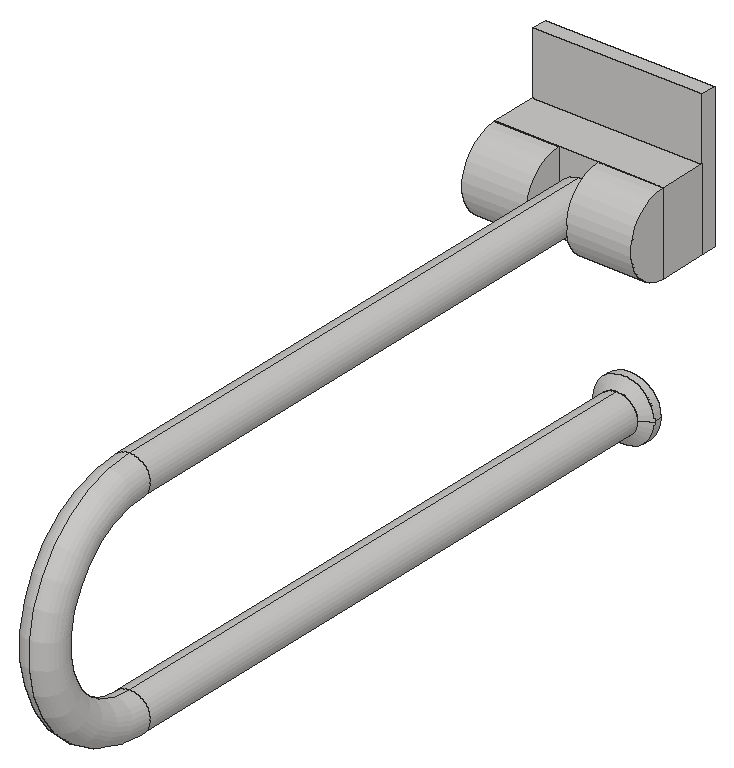
Revit family
Parameters (values of type "G29JCSN112")
  Weight Limit = 0
  Warranty Duration (Years) = 0
  Unit Weight = 0
  Unit Length = 1' - 11 5/8"
  URL = "http://www.pontegiulio.com"
  Trim Radius = 0' - 1 5/8"
  Specification = "http://www.arcat.com/sd/clients/pontegiu.html?coid=43483"
  Send Message = "http://www.arcat.com/users.pl?action=UserEmail&company=Ponte%20Giulio&coid=43483&rep=132&fax=877-766-8306&mf="
  Sales Information = "http://www.pontegiulio.it/us/info.php"
  Revision = "R1_01-2010"
  Return Radius = 0' - 1 9/16"
  Product Properties = "http://www.pgdb.it/schede/us/G29JCSN112_us.pdf"
  Product Data = "http://www.arcat.com/arcatcos/cos43/arc43483.html"
  Model = "Grab Bar as Specified in 10 28 13"
  Manufacturer's Notes = ""
  Manufacturer Website = "http://www.pontegiulio.com"
  Manufacturer Phone - Toll Free = "877-766-8301 "
  Manufacturer Fax = "877-766-8306"
  Manufacturer Address = "W241 S4021 Rockwood Circle, Waukesha, WI 53189"
  Manufacturer = "Ponte Giulio"
  Maintenance Schedule (Months) = 0
  Keynote = "10 28 13"
  Installation-Fabrication = ""
  Installation Phase = ""
  Green Building-LEED = "http://www.arcat.com/green/clients/leed_data_43483.html"
  Expected Lifespan (Years) = 0
  Drawn By = "Robert S. Weygant, CSI, CDT, SCIP"
  Diameter = 0' - 1 1/4"
  Description = "Grab Bar as Specified in 10 28 13"
  Default Elevation = 4' - 0"
  Copyright = "2010 ARCAT, Inc"
  Construction Details = ""
  Building Codes = ""
  Bath Fixture Material [instance] = Colour - N1 - Stainless Steel
  Assembly Code = "C1030200"
  AK_Code Compliance = "UNI"
Reference planes (in)
  plane 1 "Center (Front/Back)": y = 0
  plane 2: z = 0
  plane 3 "Center (Left/Right)": x = 0
  plane 4 "Support Rail": x = 5.5
  plane 5: z = 37.71941
  plane 6: z = 44.40691
  plane 7: y = -23.625
  plane 8: y = -0.5
Forms (in)
  Sweep 1, solid, material "Colour - N1 - Stainless Steel" <- "Bath Fixture Material"
    path origin (0, 0, 36.40691) x (0, 0, 1) y (0, -1, 0)
      loop
        line (1.3125, 0) -> (1.3125, 19.65625)
        arc (1.3125, 19.65625) -> (4.65625, 23) -> (8, 19.65625) r 3.34375
        line (8, 19.65625) -> (8, 0)
    profile origin (0, -9.82813, 37.71941) x (0, 0, -1) y (1, 0, 0)
      loop
        circle (0, 0) r 0.625
  Extrusion 2, solid, material "Colour - N1 - Stainless Steel" <- "Bath Fixture Material"
    sketch origin (-0.89887, -0.5, 36.12566) x (0, 0, 1) y (0, -1, 0)
      loop
        line (7, 1.5) -> (7, 0) -> (9.5625, 0) -> (9.5625, 1.5) -> (7, 1.5)
    from -1.75738 to 3.55512
  Revolve 3, solid, material "Colour - N1 - Stainless Steel" <- "Bath Fixture Material"
    sketch origin (-0.89887, -2, 36.12566) x (0, 0, -1) y (1, 0, 0)
      loop
        line (-8.28125, -1.75738) -> (-7, -1.75738) -> (-7, 0.27387) -> (-8.28125, 0.27387) -> (-8.28125, -1.75738)
      loop
        line (-8.28125, 3.55512) -> (-8.28125, 1.52387) -> (-7, 1.52387) -> (-7, 3.55512) -> (-8.28125, 3.55512)
      axis (-8.28125, -1.75738) -> (-8.28125, 3.55512)
    angle from 180 to 360
  Revolve 4, solid, material "Colour - N1 - Stainless Steel" <- "Bath Fixture Material"
    sketch origin (3.95454, -0.5, 37.71941) x (0, -1, 0) y (1, 0, 0)
      loop
        line (-0.5, -3.95454) -> (-0.5, -4.92329) -> (-0.25, -4.92329) -> (0, -4.57954) -> (0, -3.95454) -> (-0.5, -3.95454)
      axis (0, -3.95454) -> (-0.5, -3.95454)
    angle from 0 to 360
  Extrusion 5, solid, material "Colour - N1 - Stainless Steel" <- "Bath Fixture Material"
    sketch origin (0, 0, -33.34375) x (1, 0, 0) y (0, 0, 1)
      loop
        line (-2.65625, 81.00066) -> (-2.65625, 76.46941) -> (2.65625, 76.46941) -> (2.65625, 81.00066) -> (-2.65625, 81.00066)
    from 0 to 0.5
Dimensions and locks (in)
  "Diameter": Sweep 1 sketch curve to Sweep 1 sketch curve
  locked: plane 3 "Center (Left/Right)" to plane 4 "Support Rail" at 5.5
  plane 7 to plane 1 "Center (Front/Back)" = 1' - 11 5/8"
  "Unit Length": plane 7 to plane 1 "Center (Front/Back)"
  plane 5 to plane 6 = 0' - 6 11/16"
  locked: plane 4 "Support Rail" to plane 3 "Center (Left/Right)" at 5.5
  Extrusion 2 sketch curve to Extrusion 2 sketch curve = 0' - 2 9/16"  (x2)
  Extrusion 2 to Extrusion 2 = 0' - 5 5/16"
  locked: plane 8 to plane 1 "Center (Front/Back)" at 0.5
  aligned and locked: profile plane to Sweep 1 sketch curve
  aligned and locked: plane 5 to Sweep 1 sketch curve
  aligned and locked: plane 6 to Sweep 1 sketch curve
  aligned and locked: Sweep 1 sketch curve to plane 5
  aligned and locked: plane 1 "Center (Front/Back)" to Sweep 1 sketch curve  (x2)
  aligned and locked: Revolve 3 sketch curve to Extrusion 2  (x3)
  aligned and locked: Extrusion 2 to Revolve 3 sketch curve
  aligned and locked: Revolve 3 sketch curve to plane 6
  aligned and locked: plane 6 to Revolve 3 sketch curve
  aligned and locked: Extrusion 5 to plane 1 "Center (Front/Back)"
  aligned and locked: Extrusion 5 to Extrusion 2
  aligned and locked: plane 8 to Extrusion 5
  aligned and locked: Extrusion 2 to plane 8
  aligned and locked: Extrusion 5 sketch curve to Extrusion 2
  aligned and locked: Revolve 4 sketch curve to plane 8
  aligned and locked: Revolve 4 sketch curve to plane 1 "Center (Front/Back)"
  aligned and locked: plane 3 "Center (Left/Right)" to Revolve 4 sketch curve
Automatic sketch dimensions
  plane 7 to Sweep 1 sketch curve = 0' - 3 31/32"
  Sweep 1 sketch curve to Sweep 1 sketch curve = 0' - 0"
  Sweep 1 sketch curve to profile plane = 0' - 0"
  plane 1 "Center (Front/Back)" to Extrusion 2 sketch curve = 0' - 0 1/2"
  plane 6 to Extrusion 2 sketch curve = 0' - 1 9/32"
  plane 1 "Center (Front/Back)" to Extrusion 2 sketch curve = 0' - 2"
  Revolve 3 sketch curve to plane 6 = 0' - 0"
  Revolve 3 sketch curve to Revolve 3 sketch curve = 1' - 6.11853"
  Revolve 3 sketch curve to plane 3 "Center (Left/Right)" = 0' - 0 5/8"
  plane 3 "Center (Left/Right)" to Revolve 3 sketch curve = 0' - 0 5/8"
  plane 4 "Support Rail" to Revolve 3 sketch curve = 1' - 2.42266"
  Extrusion 5 sketch curve to plane 3 "Center (Left/Right)" = 0' - 2 21/32"
  plane 3 "Center (Left/Right)" to Extrusion 5 sketch curve = 0' - 2 21/32"
  Extrusion 5 sketch curve to plane 6 = 0' - 3 1/4"
  Revolve 4 sketch curve to plane 3 "Center (Left/Right)" = 0' - 0"
  Revolve 4 sketch curve to Revolve 4 sketch curve = 1' - 11 1/2"
  plane 1 "Center (Front/Back)" to Revolve 4 sketch curve = 0' - 0 1/4"
  Revolve 4 sketch curve to plane 7 = 7' - 7.59382"
  Revolve 4 sketch curve to plane 3 "Center (Left/Right)" = 0' - 0 5/8"
  Revolve 4 sketch curve to Revolve 4 sketch curve = 0' - 0 11/32"
